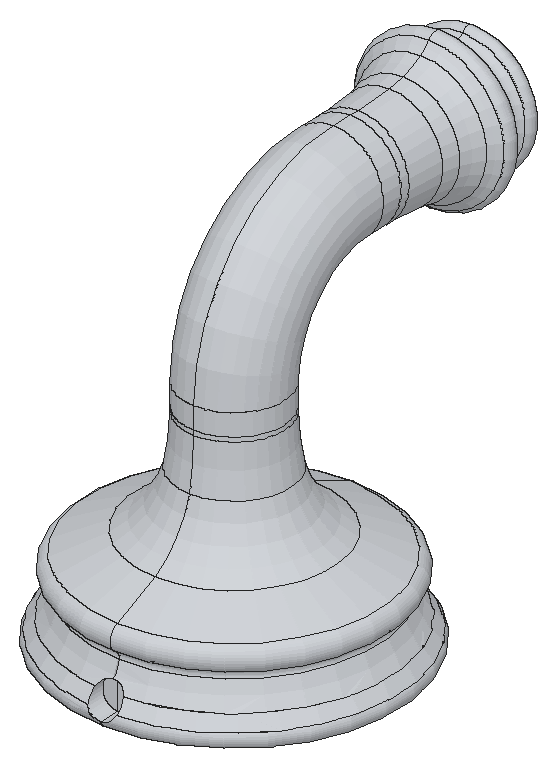
Revit family "Accessory-Robe_Hook-KOHLER-BELLERA-K-27385_1", category Specialty Equipment, host Face, Revit 2017
Family settings
  Host = Face
  Round Connector Dimension = Use Diameter
  Part Type = Normal
  OmniClass Number = 23.31.25.00
  OmniClass Title = Toilet and Bath Specialties
  Cut with Voids When Loaded = No
  Shared = No
  Room Calculation Point = No
Parameters (values of type "CP-Polished Chrome")
  Width = 2 87/256"  # constant formula
  WaterSense Certified = 1 = 0  # no
  URL = "https://www.us.kohler.com/us/"
  Type = 1
  Product Page URL = "http://www.us.kohler.com/us/catalog/productDetails.jsp?productId=27385"
  Product Name = "BELLERA"  # constant formula
  Product Documentation Link = "https://www.us.kohler.com/webassets/kpna/catalog/pdf/en/K-27385_spec_US-CA_Kohler_en.pdf"
  Model = if(Type = 1, "K-27385-CP", if(Type = 2, "K-27385-BN", if(Type = 3, "K-27385-2BZ", "NA")))  # "K-27385-CP"
  Material = "Premium Metal Construction"  # constant formula
  Master Format 2014 Name = "Toilet, Bath, and Laundry Accessories"  # constant formula
  Master Format 2014 = "10 28 00"  # constant formula
  Manufacturer Address = "KOHLER Co. 444 Highland Dr. Kohler, WI 53044"  # constant formula
  Manufacturer = "KOHLER Co."  # constant formula
  Length = 3 25/256"  # constant formula
  Height = 3 25/64"  # constant formula
  Finish = Kohler-Metal-CP-Polished_Chrome
  Environmental Product Declaration = ""
  Description = "ROBE HOOK"  # constant formula
  Default Elevation = 42"
  Declare Label = ""
  Date Modified = "05/28/2021"  # constant formula
  Date Created = "05/28/2021"  # constant formula
  Copyright = "Copyright KOHLER Co."  # constant formula
  Contact Us = "https://www.us.kohler.com/us/static/contact.jsp"
  Assembly Code = "C1030200"
  ADA Compliant = 1 = 0  # no
Types (4): name | Type | Model | Finish
  (no name) | 1 | "K-27385-CP" | Kohler-Metal-CP-Polished_Chrome
  CP-Polished Chrome | 1 | "K-27385-CP" | Kohler-Metal-CP-Polished_Chrome
  BN-Vibrant Brushed Nickel | 2 | "K-27385-BN" | Kohler-Metal-BN-Vibrant_Brushed_Nickel
  2BZ-Oil-Rubbed Bronze | 3 | "K-27385-2BZ" | Kohler-Metal-2BZ-Oil_Rubbed_Bronze
Reference planes (in)
  plane 1 "Center (Front/Back)": y = 0
  plane 2: z = 0
  plane 3 "Center (Left/Right)": x = 0
  plane 4: y = 2.22
  plane 5: x = 1.17
  plane 6: y = 1.16937
  plane 7: x = -1.16984
  plane 8: y = -1.17063
  plane 9: x = -0.55
  plane 10: x = 0.55
  plane 11: z = 3.09766
  plane 12: z = 1.99
  plane 13: z = 2.54472
  plane 14: z = 0.16142
Dimensions and locks (in)
  "Width": plane 7 to plane 5
  "Height": plane 8 to plane 4
  "Length": plane 11 to level
  plane 12 to level = 1.99"
  plane 9 to plane 10 = 1.1"
  plane 6 to plane 8 = 2.34"
  plane 12 to plane 11 = 1.10766"
  aligned and locked: plane 2 to host face
  aligned and locked: level to host face
Automatic sketch dimensions
  host sketch curve to host sketch curve = 96"  (x2)
Nested families (in)
  nested 1: "K-27385" at (0, 0, 0), type "K-27385"
Definition of nested family "K-27385"
  Parameters (values of type "K-27385")
    Material = none
  Reference planes (in)
    plane 1 "Center (Front/Back)": y = 0
    plane 2: z = 0
    plane 3 "Center (Left/Right)": x = 0
    plane 4: y = -1.17
    plane 5: y = 1.17
    plane 6: x = -1.17
    plane 7: x = 1.17
    plane 8: y = 2.22
    plane 9: x = -0.55
    plane 10: x = 0.55
    plane 11: z = 1.99
    plane 12: z = 2.54472
    plane 13: z = 3.09945
    plane 14: z = 0.16142
  Forms (in)
    Revolve 1, solid, material <- "Material", detail levels medium+fine
      sketch origin (0, 0, 0) x (0, 1, 0) y (0, 0, 1)
        loop
          line (1.15692, 0.11891) -> (1.09183, 0.20529)
          arc (1.09183, 0.20529) -> (1.04153, 0.28557) -> (1.00573, 0.37329) r 0.55097
          arc (1.00573, 0.37329) -> (1.00737, 0.40697) -> (1.03034, 0.43167) r 0.04915
          arc (1.03034, 0.43167) -> (1.08087, 0.52114) -> (1.01816, 0.60254) r 0.093
          arc (1.01816, 0.60254) -> (0.84957, 0.66853) -> (0.68743, 0.74907) r 2.0583
          arc (0.68743, 0.74907) -> (0.49696, 0.91424) -> (0.39008, 1.14257) r 0.60663
          arc (0.39008, 1.14257) -> (0.36026, 1.31486) -> (0.35028, 1.48944) r 1.53149
          line (0.35028, 1.48944) -> (0.35028, 1.52178) -> (0, 1.52178) -> (0, 0) -> (1.09763, 0)
          arc (1.09763, 0) -> (1.16407, 0.04111) -> (1.15692, 0.11891) r 0.07424
        axis (0, 1.52178) -> (0, 0)
      angle from 0 to 360
    Sweep 2, solid, material <- "Material", detail levels medium+fine
      path origin (0, 0, 0) x (0, 1, 0) y (0, 0, 1)
        loop
          line (1.023, 2.54472) -> (0.87, 2.54472)
          arc (0.87, 2.54472) -> (0.25482, 2.28991) -> (0, 1.67472) r 0.87
          line (0, 1.67472) -> (0, 1.52178)
      profile origin (0, 0, 1.67472) x (1, 0, 0) y (0, 1, 0)
        loop
          circle (0, 0) r 0.35028
    Revolve 3, solid, material <- "Material", detail levels medium+fine
      sketch origin (0, 0, 0) x (0, 1, 0) y (0, 0, 1)
        loop
          line (1.01519, 2.895) -> (1.01519, 2.54472) -> (2.22, 2.54472)
          arc (2.22, 2.54472) -> (2.2134, 2.71067) -> (2.19363, 2.87557) r 2.08831
          arc (2.19363, 2.87557) -> (2.18477, 2.89165) -> (2.16772, 2.89845) r 0.02721
          arc (2.16772, 2.89845) -> (2.12849, 2.91498) -> (2.11013, 2.9534) r 0.05994
          arc (2.11013, 2.9534) -> (2.06678, 3.00506) -> (2.00361, 2.98144) r 0.05842
          arc (2.00361, 2.98144) -> (1.96405, 2.95343) -> (1.91581, 2.9582) r 0.0693
          arc (1.91581, 2.9582) -> (1.88679, 2.9745) -> (1.85976, 2.99394) r 0.2978
          arc (1.85976, 2.99394) -> (1.84653, 3.00982) -> (1.84038, 3.02955) r 0.05295
          arc (1.84038, 3.02955) -> (1.78735, 3.09285) -> (1.70871, 3.06765) r 0.07402
          arc (1.70871, 3.06765) -> (1.67492, 3.03133) -> (1.63578, 3.00086) r 0.30987
          arc (1.63578, 3.00086) -> (1.56237, 2.9613) -> (1.48321, 2.93505) r 0.47974
          arc (1.48321, 2.93505) -> (1.4228, 2.92233) -> (1.36182, 2.91275) r 1.1993
          arc (1.36182, 2.91275) -> (1.22606, 2.89944) -> (1.08973, 2.895) r 2.09536
          line (1.08973, 2.895) -> (1.01519, 2.895)
        axis (2.22, 2.54472) -> (1.01519, 2.54472)
      angle from 0 to 360
    Revolve 4, void
      sketch origin (0, 0, 0) x (0, 1, 0) y (0, 0, 1)
        loop
          line (-1.01844, 0.16142) -> (-1.01844, 0.26962) -> (-1.3614, 0.26962) -> (-1.3614, 0.16142) -> (-1.01844, 0.16142)
        axis (-1.01844, 0.16142) -> (-1.3614, 0.16142)
      angle from 0 to 360
    Revolve 5, solid, material <- "Material", detail levels coarse
      sketch origin (0, 0, 0) x (0, 1, 0) y (0, 0, 1)
        loop
          line (0, 1.52178) -> (-0.38156, 1.52178) -> (-0.38156, 1.27178)
          arc (-0.38156, 1.27178) -> (-0.49286, 0.93149) -> (-0.78373, 0.72273) r 0.57587
          arc (-0.78373, 0.72273) -> (-0.98632, 0.63755) -> (-1.17, 0.51687) r 1.20106
          line (-1.17, 0.51687) -> (-1.17, 0) -> (0, 0) -> (0, 1.52178)
        axis (0, 0) -> (0, 1.52178)
      angle from 0 to 360
    Sweep 6, solid, material <- "Material", detail levels coarse
      path origin (0, 0, 0) x (0, 1, 0) y (0, 0, 1)
        loop
          line (0, 1.3867) -> (0, 1.66254)
          arc (0, 1.66254) -> (0.25839, 2.28634) -> (0.88219, 2.54472) r 0.88219
          line (0.88219, 2.54472) -> (0.95733, 2.54472)
      profile origin (0, 0, 1.52462) x (0, -1, 0) y (1, 0, 0)
        loop
          circle (0, 0) r 0.38156
    Revolve 7, solid, material <- "Material", detail levels coarse
      sketch origin (0, 0, 0) x (0, 1, 0) y (0, 0, 1)
        loop
          line (0.95733, 2.92628) -> (0.95733, 2.54472) -> (2.22, 2.54472) -> (2.22, 2.946) -> (2.1214, 2.946) -> (2.1214, 3.01193) -> (1.84467, 3.01193) -> (1.84467, 3.09945) -> (1.72534, 3.09945)
          arc (1.72534, 3.09945) -> (1.53285, 2.97128) -> (1.30602, 2.92628) r 0.59428
          line (1.30602, 2.92628) -> (0.95733, 2.92628)
        axis (0.95733, 2.54472) -> (2.22, 2.54472)
      angle from 0 to 360
  Cuts and joins
    joined: Sweep 2, Revolve 3
    Revolve 4 cuts Revolve 1
    joined: Revolve 5, Sweep 6, Revolve 7
  Lines and regions (in)
    Masking region 1
      outline origin (0, 0, 0) x (1, 0, 0) y (0, 1, 0)
        loop
          arc (-0.35168, 1.11813) -> (0, -1.17213) -> (0.35168, 1.11813) r 1.17213
          arc (0.35168, 1.11813) -> (0.35269, 1.16669) -> (0.35473, 1.21521) r 2.2786
          arc (0.35473, 1.21521) -> (0.36477, 1.33272) -> (0.38238, 1.44933) r 1.82143
          arc (0.38238, 1.44933) -> (0.43311, 1.59155) -> (0.52609, 1.71052) r 0.47285
          arc (0.52609, 1.71052) -> (0.54762, 1.78761) -> (0.48853, 1.84161) r 0.0764
          arc (0.48853, 1.84161) -> (0.46489, 1.85042) -> (0.44546, 1.86652) r 0.07562
          arc (0.44546, 1.86652) -> (0.42585, 1.894) -> (0.41156, 1.92459) r 0.18504
          arc (0.41156, 1.92459) -> (0.40781, 1.96727) -> (0.43362, 2.00148) r 0.0597
          arc (0.43362, 2.00148) -> (0.46015, 2.06603) -> (0.40739, 2.11171) r 0.05976
          arc (0.40739, 2.11171) -> (0.36865, 2.13071) -> (0.35252, 2.17072) r 0.06031
          arc (0.35252, 2.17072) -> (0.34665, 2.18606) -> (0.3323, 2.19406) r 0.02406
          arc (0.3323, 2.19406) -> (0, 2.22068) -> (-0.3323, 2.19406) r 2.08671
          arc (-0.3323, 2.19406) -> (-0.34665, 2.18606) -> (-0.35252, 2.17072) r 0.02406
          arc (-0.35252, 2.17072) -> (-0.36865, 2.13071) -> (-0.40739, 2.11171) r 0.06031
          arc (-0.40739, 2.11171) -> (-0.46015, 2.06603) -> (-0.43362, 2.00148) r 0.05976
          arc (-0.43362, 2.00148) -> (-0.40781, 1.96727) -> (-0.41156, 1.92459) r 0.0597
          arc (-0.41156, 1.92459) -> (-0.42585, 1.894) -> (-0.44546, 1.86652) r 0.18504
          arc (-0.44546, 1.86652) -> (-0.46489, 1.85042) -> (-0.48853, 1.84161) r 0.07562
          arc (-0.48853, 1.84161) -> (-0.54762, 1.78761) -> (-0.52609, 1.71052) r 0.0764
          arc (-0.52609, 1.71052) -> (-0.43311, 1.59155) -> (-0.38238, 1.44933) r 0.47285
          arc (-0.38238, 1.44933) -> (-0.36477, 1.33272) -> (-0.35473, 1.21521) r 1.82143
          arc (-0.35473, 1.21521) -> (-0.35269, 1.16669) -> (-0.35168, 1.11813) r 2.2786
    Masking region 2
      outline origin (0, 0, 0) x (1, 0, 0) y (0, 0, 1)
        loop
          arc (-0.35028, 1.52178) -> (-0.36699, 1.29671) -> (-0.41674, 1.07656) r 1.52457
          arc (-0.41674, 1.07656) -> (-0.52426, 0.8803) -> (-0.70105, 0.74311) r 0.55007
          arc (-0.70105, 0.74311) -> (-0.86039, 0.6694) -> (-1.02277, 0.60269) r 4.03281
          arc (-1.02277, 0.60269) -> (-1.08241, 0.52136) -> (-1.03339, 0.43322) r 0.09343
          arc (-1.03339, 0.43322) -> (-1.01141, 0.40871) -> (-1.01018, 0.37581) r 0.04844
          arc (-1.01018, 0.37581) -> (-1.06925, 0.24334) -> (-1.1558, 0.12696) r 0.66047
          arc (-1.1558, 0.12696) -> (-1.16976, 0.04537) -> (-1.10052, 0) r 0.07552
          line (-1.10052, 0) -> (1.10052, 0)
          arc (1.10052, 0) -> (1.16976, 0.04537) -> (1.1558, 0.12696) r 0.07552
          arc (1.1558, 0.12696) -> (1.06925, 0.24334) -> (1.01018, 0.37581) r 0.66047
          arc (1.01018, 0.37581) -> (1.01141, 0.40871) -> (1.03339, 0.43322) r 0.04844
          arc (1.03339, 0.43322) -> (1.08241, 0.52136) -> (1.02277, 0.60269) r 0.09343
          arc (1.02277, 0.60269) -> (0.86039, 0.6694) -> (0.70105, 0.74311) r 4.03281
          arc (0.70105, 0.74311) -> (0.52426, 0.8803) -> (0.41674, 1.07656) r 0.55007
          arc (0.41674, 1.07656) -> (0.36699, 1.29671) -> (0.35028, 1.52178) r 1.52457
          line (0.35028, 1.52178) -> (0.35028, 2.12069)
          arc (0.35028, 2.12069) -> (0, 3.09472) -> (-0.35028, 2.12069) r 0.55
          line (-0.35028, 2.12069) -> (-0.35028, 1.52178)
    Masking region 3
      outline origin (0, 0, 0) x (0, 1, 0) y (0, 0, 1)
        loop
          arc (0.7071, 0.74311) -> (0.59442, 0.81656) -> (0.50293, 0.91515) r 0.55007
          arc (0.50293, 0.91515) -> (0.41016, 1.08699) -> (0.36484, 1.27694) r 0.75079
          arc (0.36484, 1.27694) -> (0.35485, 1.3992) -> (0.35028, 1.52178) r 2.76529
          line (0.35028, 1.52178) -> (0.35028, 1.67266)
          arc (0.35028, 1.67266) -> (0.38606, 1.86248) -> (0.4885, 2.02624) r 0.52135
          arc (0.4885, 2.02624) -> (0.66732, 2.14756) -> (0.87836, 2.19403) r 0.57299
          arc (0.87836, 2.19403) -> (1.15511, 2.19052) -> (1.43072, 2.16508) r 3.4877
          arc (1.43072, 2.16508) -> (1.58433, 2.11583) -> (1.71105, 2.01601) r 0.45428
          arc (1.71105, 2.01601) -> (1.793, 1.99519) -> (1.84251, 2.06373) r 0.0752
          arc (1.84251, 2.06373) -> (1.84698, 2.08058) -> (1.85847, 2.09369) r 0.0382
          arc (1.85847, 2.09369) -> (1.88925, 2.11658) -> (1.92372, 2.13341) r 0.20745
          arc (1.92372, 2.13341) -> (1.96569, 2.13455) -> (1.99933, 2.10943) r 0.06398
          arc (1.99933, 2.10943) -> (2.06702, 2.08417) -> (2.11305, 2.13985) r 0.0623
          arc (2.11305, 2.13985) -> (2.13006, 2.17565) -> (2.16681, 2.19051) r 0.05459
          arc (2.16681, 2.19051) -> (2.18533, 2.19771) -> (2.19456, 2.21531) r 0.02834
          arc (2.19456, 2.21531) -> (2.22, 2.54472) -> (2.19456, 2.87414) r 2.14569
          arc (2.19456, 2.87414) -> (2.18533, 2.89173) -> (2.16681, 2.89894) r 0.02834
          arc (2.16681, 2.89894) -> (2.13006, 2.9138) -> (2.11305, 2.94959) r 0.05459
          arc (2.11305, 2.94959) -> (2.06702, 3.00528) -> (1.99933, 2.98002) r 0.0623
          arc (1.99933, 2.98002) -> (1.96569, 2.9549) -> (1.92372, 2.95604) r 0.06398
          arc (1.92372, 2.95604) -> (1.88925, 2.97287) -> (1.85847, 2.99575) r 0.20745
          arc (1.85847, 2.99575) -> (1.84698, 3.00887) -> (1.84251, 3.02572) r 0.0382
          arc (1.84251, 3.02572) -> (1.793, 3.09425) -> (1.71105, 3.07344) r 0.0752
          arc (1.71105, 3.07344) -> (1.58433, 2.97361) -> (1.43072, 2.92437) r 0.45428
          arc (1.43072, 2.92437) -> (1.15864, 2.89911) -> (0.88542, 2.89523) r 3.4877
          arc (0.88542, 2.89523) -> (0.01354, 2.55309) -> (-0.35028, 1.69004) r 1.20557
          line (-0.35028, 1.69004) -> (-0.35028, 1.35155)
          arc (-0.35028, 1.35155) -> (-0.3534, 1.31423) -> (-0.35703, 1.27694) r 2.76529
          arc (-0.35703, 1.27694) -> (-0.40235, 1.08699) -> (-0.49512, 0.91515) r 0.75079
          arc (-0.49512, 0.91515) -> (-0.5866, 0.81656) -> (-0.69928, 0.74311) r 0.55007
          arc (-0.69928, 0.74311) -> (-0.85861, 0.6694) -> (-1.021, 0.60269) r 4.03281
          arc (-1.021, 0.60269) -> (-1.08064, 0.52136) -> (-1.03162, 0.43322) r 0.09343
          arc (-1.03162, 0.43322) -> (-1.00964, 0.40871) -> (-1.00841, 0.37581) r 0.04844
          arc (-1.00841, 0.37581) -> (-1.06748, 0.24334) -> (-1.15403, 0.12696) r 0.66047
          arc (-1.15403, 0.12696) -> (-1.16799, 0.04537) -> (-1.09875, 0) r 0.07552
          line (-1.09875, 0) -> (1.10656, 0)
          arc (1.10656, 0) -> (1.1758, 0.04537) -> (1.16185, 0.12696) r 0.07552
          arc (1.16185, 0.12696) -> (1.07529, 0.24334) -> (1.01623, 0.37581) r 0.66047
          arc (1.01623, 0.37581) -> (1.01746, 0.40871) -> (1.03943, 0.43322) r 0.04844
          arc (1.03943, 0.43322) -> (1.08845, 0.52136) -> (1.02882, 0.60269) r 0.09343
          arc (1.02882, 0.60269) -> (0.86643, 0.6694) -> (0.7071, 0.74311) r 4.03281
    symbolic lines, detail levels medium+fine
      curve 1: line (-0.35252, 2.17072, 0) -> (0.35252, 2.17072, 0)
      curve 2: line (-0.3323, 2.19406, 0) -> (0.3323, 2.19406, 0)
      curve 3: arc (-0.35168, 1.02147, 0) -> (0, -1.08031, 0) -> (0.35168, 1.02147, 0) r 1.08031
      curve 4: arc (-0.35168, 0.42288, 0) -> (0, -0.55, 0) -> (0.35168, 0.42288, 0) r 0.55
      curve 5: line (-0.35168, 1.11813, 0) -> (-0.35168, 0, 0)
      curve 6: line (0.35168, 1.11813, 0) -> (0.35168, 0, 0)
      curve 7: arc (-0.35168, 0, 0) -> (0, -0.35168, 0) -> (0.35168, 0, 0) r 0.35168
      curve 8: line (-0.35168, 1.02147, 0) -> (0.35168, 1.02147, 0)
      curve 9: line (0, -0.35168, 0) -> (0, 1.02147, 0)
      curve 10: arc (0.09119, -1.07646, 0) -> (0.10825, -1.12325, 0) -> (0.08814, -1.16881, 0) r 0.06671
      curve 11: arc (-0.09119, -1.07646, 0) -> (-0.10825, -1.12325, 0) -> (-0.08814, -1.16881, 0) r 0.06671
      curve 12: line (0, 0.7071, 0.74311) -> (0, -0.69928, 0.74311)
      curve 13: line (0, 0.35028, 1.52178) -> (0, -0.35028, 1.52178)
      curve 14: line (0, 0.88542, 2.89523) -> (0, 0.88542, 2.19421)
      curve 15: line (0, 2.16681, 2.89894) -> (0, 2.16681, 2.19051)
      curve 16: line (0, 2.19456, 2.87414) -> (0, 2.19456, 2.21531)
      curve 17: line (0.70105, 0, 0.74311) -> (-0.70105, 0, 0.74311)
      curve 18: arc (-0.35028, 0, 2.12069) -> (0, 0, 1.99472) -> (0.35028, 0, 2.12069) r 0.55
      curve 19: circle (0, 0, 2.54472) r 0.46303 normal (0, -1, 0)
      curve 20: circle (0, 0, 2.54472) r 0.35691 normal (0, -1, 0)
      curve 21: circle (0, 0, 2.54472) r 0.3311 normal (0, -1, 0)
      curve 22: line (0.35028, 0, 1.52178) -> (-0.35028, 0, 1.52178)
      curve 23: line (0, 0, 1.99472) -> (0, 0, 1.52178)
  Dimensions and locks (in)
    plane 8 to plane 4 = 3.39"
    plane 9 to plane 10 = 1.1"
    plane 11 to level = 1.99"
    plane 13 to plane 11 = 1.10945"
    aligned and locked: plane 2 to level
